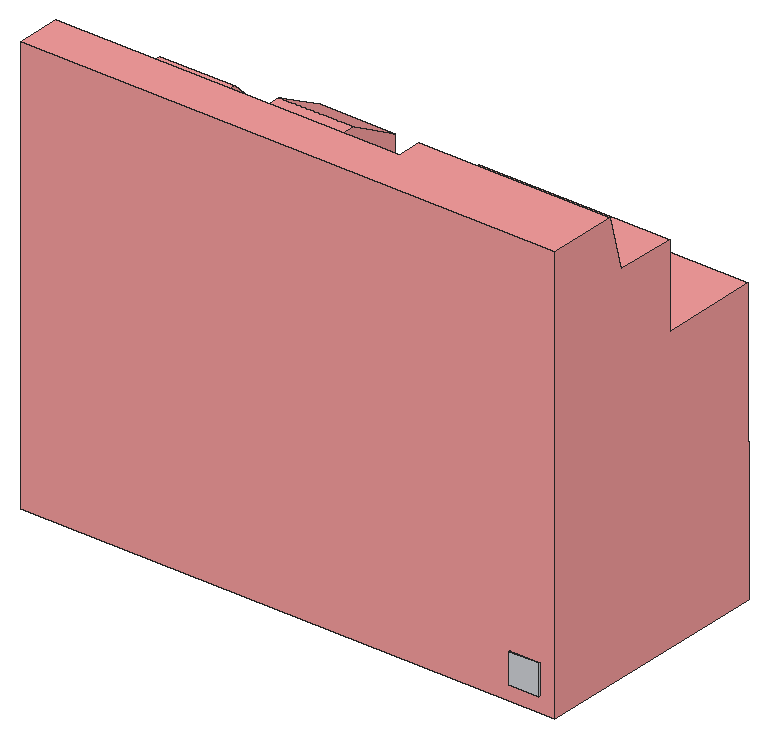
Revit family "Станок токарно-винторезный", category Оборудование, Revit 2017
Family settings
  Размер круглого соединителя = Использовать диаметр
  Тип детали = Нормальный
  Номер OmniClass = 23.75.00.00
  Заголовок OmniClass = Climate Control (HVAC)
  На основе рабочей плоскости = Нет
  Всегда вертикально = Да
  При загрузке вырезать с полостями = Нет
  Общий = Нет
  Точка расчета площади = Нет
Parameters (values of type "250ИТВМ.01")
  Ширина = 1790 mm
  Число полюсов = 3
  Примечание ЭМ [instance] = ""
  Примечание КР [instance] = ""
  Примечание АР [instance] = ""
  Примечание = ""
  Обозначение = "250ИТВМ.01"
  Напряжение = 380 V
  Наименование = "Станок токарно-винторезный"
  Мощность номинальная = 3000 W
  Масса = "1180"
  Код оборудования = ""
  Задание = "ЭМ"
  Завод = "ООО \"ПКФ \"ПРОМРЕСУРС\""
  Единицы = "шт."
  Глубина = 810 mm
  Высота = 1400 mm
Reference planes
  plane 1 "По центру (Вперед/Назад)": y = 0
  plane 2: z = 0
  plane 3 "По центру (Влево/Вправо)": x = 0
  plane 4: y = 810
  plane 5: x = 1790
  plane 6: z = 1400
  plane 7: z = 550
  plane 8: x = 1150
  plane 9: y = 150
  plane 10: z = 950
  plane 11: y = 480
  plane 12: y = 315
  plane 13: z = 1100
  plane 14: x = 380
  plane 15: x = 680
  plane 16: x = 1690
  plane 17: z = 100
Forms (mm)
  Extrusion 1, solid, material "Корпус АОУМ", detail levels fine
    sketch origin (0, 0, 0) x (1, 0, 0) y (0, 0, 1)
      loop
        line (0, 1400) -> (0, 0) -> (1790, 0) -> (1790, 1400) -> (0, 1400)
    from 0 to -150
  Extrusion 2, solid, material "Корпус АОУМ", detail levels fine
    sketch origin (-180, 150, 1200) x (-1, 0, 0) y (0, 0, 1)
      loop
        line (-180, -650) -> (-1330, -650) -> (-1330, -250) -> (-1970, -250) -> (-1970, -1200) -> (-180, -1200) -> (-180, -650)
    from 0 to 660
  Extrusion 3, solid, material "Корпус АОУМ", detail levels fine
    sketch origin (1790, 930, 1200) x (0, 1, 0) y (0, 0, 1)
      loop
        line (-780, 200) -> (-780, -250) -> (-450, -250) -> (-450, 26.133) -> (-653.413, 26.133) -> (-700, 200) -> (-780, 200)
    from 0 to -640
  Extrusion 4, solid, material "Электродвигатель АОУМ", detail levels fine
    sketch origin (1150, -1524, 1789.769) x (0, 0, 1) y (0, -1, 0)
      loop
        line (-839.769, -1824) -> (-1039.769, -1824) -> (-1124.622, -1908.853) -> (-1124.622, -2099.147) -> (-1039.769, -2184) -> (-839.769, -2184) -> (-839.769, -1824)
    from 0 to -1150
  Extrusion 5, solid, material "Электродвигатель АОУМ", detail levels fine
    sketch origin (1150, -1524, 1789.769) x (0, 0, 1) y (0, -1, 0)
      loop
        circle (-689.769, -1839) r 95
    from 0 to -150
  Extrusion 6, solid, material "Электродвигатель АОУМ", detail levels fine
    sketch origin (0, 0, 0) x (0, 1, 0) y (0, 0, 1)
      loop
        line (660, 950) -> (660, 1025) -> (585, 1100) -> (375, 1100) -> (300, 1025) -> (300, 950) -> (660, 950)
    from 0 to 250
  Extrusion 7, solid, material "Корпус АОУМ", detail levels fine
    sketch origin (380, -1524, 1789.769) x (0, 0, 1) y (0, -1, 0)
      loop
        line (-1124.622, -2099.147) -> (-1124.622, -2304.147) -> (-784.622, -2304.147) -> (-689.769, -2133.028) -> (-689.769, -2004) -> (-839.769, -2004) -> (-839.769, -2184) -> (-1039.769, -2184) -> (-1124.622, -2099.147)
    from 0 to 250
  Extrusion 8, solid, detail levels fine
    sketch origin (0, 0, 0) x (1, 0, 0) y (0, 0, 1)
      loop
        line (1740, 150) -> (1640, 150) -> (1640, 50) -> (1740, 50) -> (1740, 150)
    from 0 to 5
Cuts and joins
  joined: Extrusion 1, Extrusion 2, Extrusion 3
  joined: Extrusion 4, Extrusion 6
Lines and regions (mm)
  symbolic lines, detail levels coarse+medium
    curve 1: line (0, 810, 0) -> (1790, 810, 0)
    curve 2: line (0, 0, 0) -> (0, 810, 0)
    curve 3: line (1790, 0, 0) -> (0, 0, 0)
    curve 4: line (1790, 810, 0) -> (1790, 0, 0)
    curve 5: line (1150, 810, 0) -> (1150, 150, 0)
    curve 6: line (1150, 150, 0) -> (0, 150, 0)
Dimensions and locks
  "Глубина": plane 4 to plane 1 "По центру (Вперед/Назад)"
  "Ширина": plane 3 "По центру (Влево/Вправо)" to plane 5
  "Высота": plane 6 to level
  locked: plane 7 to level at 550
  locked: plane 5 to plane 8 at 640
  locked: plane 9 to plane 1 "По центру (Вперед/Назад)" at 150
  locked: Extrusion 3 sketch curve to Extrusion 3 sketch curve at 276.133
  locked: Extrusion 3 sketch curve to Extrusion 3 sketch curve at 203.413
  locked: Extrusion 3 sketch curve to Extrusion 3 sketch curve at 80
  locked: Extrusion 4 sketch curve to Extrusion 4 sketch curve at 284.853
  locked: Extrusion 4 sketch curve to Extrusion 4 sketch curve at 360
  equal spacing: Extrusion 4 sketch curve, plane 11, Extrusion 4 sketch curve
  equal spacing: plane 11, plane 12, plane 9
  locked: plane 13 to plane 10 at 150
  locked: Extrusion 5 to Extrusion 5 at 150
  locked: Extrusion 6 sketch curve to Extrusion 6 sketch curve at 360
  locked: plane 14 to plane 3 "По центру (Влево/Вправо)" at 380
  locked: plane 15 to plane 14 at 300
  locked: Extrusion 7 sketch curve to Extrusion 7 sketch curve at 120.147
  locked: Extrusion 7 sketch curve to Extrusion 7 sketch curve at 205
  locked: Extrusion 7 sketch curve to Extrusion 7 sketch curve at 434.853
  locked: plane 17 to cut or joined group of Extrusion 1, Extrusion 2, Extrusion 3 at 100
  locked: plane 16 to plane 5 at 100
  equal spacing: Extrusion 8 sketch curve, plane 17, Extrusion 8 sketch curve
  equal spacing: Extrusion 8 sketch curve, plane 16, Extrusion 8 sketch curve
  aligned and locked: level to plane 2
  aligned and locked: Extrusion 1 sketch curve to plane 6
  aligned and locked: plane 3 "По центру (Влево/Вправо)" to Extrusion 1 sketch curve
  aligned and locked: level to Extrusion 1 sketch curve
  aligned and locked: Extrusion 1 sketch curve to plane 5
  aligned and locked: plane 9 to Extrusion 1
  aligned and locked: plane 1 "По центру (Вперед/Назад)" to Extrusion 1
  aligned and locked: Extrusion 2 sketch curve to plane 10
  aligned and locked: plane 8 to Extrusion 2 sketch curve
  aligned and locked: Extrusion 2 sketch curve to plane 5
  aligned and locked: level to Extrusion 2 sketch curve
  aligned and locked: plane 3 "По центру (Влево/Вправо)" to Extrusion 2 sketch curve
  aligned and locked: plane 4 to Extrusion 2
  aligned and locked: Extrusion 2 to plane 9
  aligned and locked: Extrusion 3 sketch curve to plane 9
  aligned and locked: Extrusion 3 sketch curve to plane 10
  aligned and locked: Extrusion 3 sketch curve to plane 11
  aligned and locked: Extrusion 3 to plane 8
  aligned and locked: plane 5 to Extrusion 3
  aligned and locked: Extrusion 4 to plane 3 "По центру (Влево/Вправо)"
  aligned and locked: plane 8 to Extrusion 4
  aligned and locked: plane 8 to Extrusion 5
  aligned and locked: Extrusion 6 sketch curve to plane 10
  aligned and locked: Extrusion 6 sketch curve to plane 13
  aligned and locked: Extrusion 7 sketch curve to plane 13
  aligned and locked: Extrusion 7 sketch curve to plane 11
  aligned and locked: plane 10 to Extrusion 7 sketch curve
  aligned and locked: curve 1 to cut or joined group of Extrusion 1, Extrusion 2, Extrusion 3
  aligned and locked: curve 2 to cut or joined group of Extrusion 1, Extrusion 2, Extrusion 3
  aligned and locked: curve 3 to cut or joined group of Extrusion 1, Extrusion 2, Extrusion 3
  aligned and locked: curve 4 to cut or joined group of Extrusion 1, Extrusion 2, Extrusion 3
Automatic sketch dimensions
  Extrusion 2 sketch curve to plane 7 = 0 mm
  Extrusion 3 sketch curve to plane 6 = 0 mm
  Extrusion 4 sketch curve to plane 10 = 0 mm
  Extrusion 4 sketch curve to Extrusion 4 sketch curve = 200 mm  (x2)
  Extrusion 4 sketch curve to Extrusion 4 sketch curve = 84.853 mm
  Extrusion 4 sketch curve to plane 4 = 150 mm
  Extrusion 5 sketch curve to plane 12 = 0 mm
  Extrusion 5 sketch curve to plane 13 = 0 mm
  plane 12 to Extrusion 6 sketch curve = 15 mm
  Extrusion 6 sketch curve to plane 12 = 60 mm
  Extrusion 6 sketch curve to Extrusion 6 sketch curve = 75 mm  (x3)
  Extrusion 7 sketch curve to Extrusion 7 sketch curve = 200 mm
  Extrusion 7 sketch curve to plane 4 = 29.853 mm
  plane 10 to Extrusion 7 sketch curve = 55.147 mm
  Extrusion 7 sketch curve to Extrusion 7 sketch curve = 129.028 mm
  curve 6 to plane 8 = 0 mm
  curve 5 to plane 9 = 0 mm
  level to Extrusion 8 sketch curve = 50 mm
  plane 16 to Extrusion 8 sketch curve = 50 mm
  radius of Extrusion 5 sketch curve = 95 mm
Nested families
  nested 1: "Семейство5" at (1690, 0, 0), type "Семейство5"
Connectors
  electrical at (1690, -5, 100)
    settings: on Extrusion 8, index 1, voltage 380 V, apparent load 1250 VA, apparent load phase1 0 VA, apparent load phase2 0 VA, apparent load phase3 0 VA, power factor 0.8, load classification "Двигатель", number of poles 3, system type 30, power factor state 1, is connector primary yes, connector utility yes, sub classification motor no, connector description ""
  cabletrayconduit at (1690, -5, 100), diameter 600
    settings: on Extrusion 8, index 2, connector width 300 mm, connector height 300 mm, connector angle 0.00°, system type 32, placement type 1, profile type 0, connector reference index -1, is primary connector yes, connector utility param no, connector description ""
Definition of nested family "Семейство5"
  Reference planes
    plane 1: y = 0
    plane 2: x = 0
  Lines and regions (mm)
    Filled region 1, type "Цветовая область 1"
      outline origin (0, 0, 0) x (1, 0, 0) y (0, 1, 0)
        loop
          circle (0, 0) r 1
